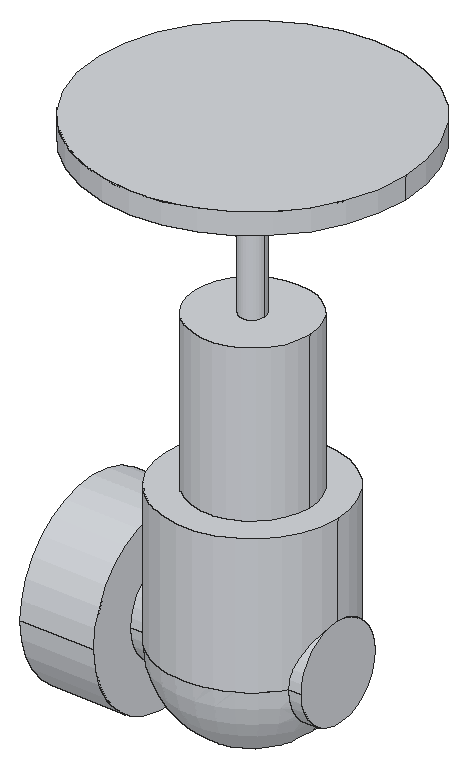
Revit family "Válvula de controle - 15-20 mm - Rosqueada - FxM", category Acessórios do tubo, Revit 2019
Family settings
  Cota do conector redondo = Usar raio
  Tipo de parte = Válvula - Quebra entre
  Com base no plano de trabalho = Não
  Sempre na vertical = Sim
  Corte com vazios quando carregada = Não
  Compartilhado = Não
Parameters (values of type "15 mm")
  Material da válvula = none
  Comprimento da válvula = 52 mm
  Altura da válvula = 76.5 mm
  Comprimento do símbolo = Comprimento da válvula / 2 * tan(30.00°)  # 15.011 mm
  Raio do tronco = Diâmetro do tronco / 2  # 1.96 mm
  Altura do tronco = Altura da chapeleta * 1.5  # 81.818 mm
  Diâmetro do tronco = Diâmetro do recobrimento / 7.5  # 3.92 mm
  Raio nominal = 7.5 mm
  Diâmetro nominal = Raio nominal * 2  # 15 mm
  Método de perda = Coeficiente K
  K Coefficient = 0.28
  Espessura da manopla = Altura da válvula / 22  # 3.477 mm
  Raio da manivela = Diâmetro da manivela / 2  # 25 mm
  Espessura da porca da manopla = Altura da válvula / 23  # 3.326 mm
  Raio da porca da manopla = Diâmetro da porca da manopla / 2  # 1.96 mm
  Diâmetro da porca da manopla = Diâmetro do tronco  # 3.92 mm
  Diâmetro da manivela = 50 mm
  Espessura da rosca = 12 mm
  Raio da rosca = Altura completa - Altura da válvula  # 14.9 mm
  Altura completa = 91.4 mm
  Espessura do recobrimento = Altura da válvula / 22  # 3.477 mm
  Raio do recobrimento = Diâmetro do recobrimento / 2  # 14.7 mm
  Diâmetro do recobrimento = Diâmetro do corpo * 1.05  # 29.4 mm
  Raio da chapeleta = Diâmetro da chapeleta / 2  # 9.333 mm
  Altura da chapeleta = 54.545 mm
  Diâmetro da chapeleta = 2 / 3 * Diâmetro do corpo  # 18.667 mm
  Raio do corpo = Diâmetro do corpo / 2  # 14 mm
  Altura do corpo = 37.4 mm
  Diâmetro do corpo = Comprimento da válvula - (2 * Espessura da rosca)  # 28 mm
Types (2, lengths in mm): name | Comprimento da válvula | Altura da válvula | Comprimento do símbolo | Raio do tronco | Diâmetro do tronco | Raio nominal | Diâmetro nominal | Espessura da manopla | Espessura da porca da manopla | Raio da porca da manopla | Diâmetro da porca da manopla | Espessura da rosca | Raio da rosca | Altura completa | Espessura do recobrimento | Raio do recobrimento | Diâmetro do recobrimento | Raio da chapeleta | Diâmetro da chapeleta | Raio do corpo | Altura do corpo | Diâmetro do corpo
  15 mm | 52 | 76.5 | 15.011 | 1.96 | 3.92 | 7.5 | 15 | 3.477 | 3.326 | 1.96 | 3.92 | 12 | 14.9 | 91.4 | 3.477 | 14.7 | 29.4 | 9.333 | 18.667 | 14 | 37.4 | 28
  20 mm | 57 | 78 | 16.454 | 2.17 | 4.34 | 10 | 20 | 3.545 | 3.391 | 2.17 | 4.34 | 13 | 18.5 | 96.5 | 3.545 | 16.275 | 32.55 | 10.333 | 20.667 | 15.5 | 42.5 | 31
Reference planes
  plane 1 "Centro (frente/trás)": y = 0
  plane 2: z = 0
  plane 3 "Centro (direita/esquerda)": x = 0
  plane 4: z = 76.5
  plane 5: x = 32
  plane 6: x = -20
  plane 7: x = -8
  plane 8 "rosca macho": x = 20
  plane 9: z = 7.5
  plane 10: z = -14
  plane 11: z = 76.5
  plane 12: z = 73.023
  plane 13: z = 47.761
  plane 14: z = 22.5
  plane 15: y = 15.011
  plane 16: y = -15.011
  plane 17 "Topo da rosca": z = 14.9
  plane 18 "Inferior da rosca": z = -14.9
  plane 19: x = 6
  plane 20: x = 0
Forms (mm)
  Extrusion 1, solid, material <- "Material da válvula", detail levels fine
    sketch origin (0, 0, 0) x (0, 1, 0) y (0, 0, 1)
      loop
        circle (0, 0) r 14.9
    from -20 to -8
  Revolve 2, solid, material <- "Material da válvula", detail levels fine
    sketch origin (0, 0, 0) x (1, 0, 0) y (0, 0, 1)
      loop
        line (6, 14) -> (6, -14)
        arc (6, -14) -> (20, 0) -> (6, 14) r 14
      axis (6, 14) -> (6, -14)
    angle from 0 to 360
  Extrusion 3, solid, material <- "Material da válvula", detail levels fine
    sketch origin (0, 0, 0) x (1, 0, 0) y (0, 1, 0)
      loop
        circle (6, 0) r 25
    from 73.023 to 76.5
  Extrusion 4, solid, material <- "Material da válvula", detail levels fine
    sketch origin (0, 0, 0) x (1, 0, 0) y (0, 1, 0)
      loop
        circle (6, 0) r 1.96
    from 47.761 to 73.023
  Extrusion 5, solid, material <- "Material da válvula", detail levels fine
    sketch origin (0, 0, 0) x (1, 0, 0) y (0, 1, 0)
      loop
        circle (6, 0) r 9.333
    from 22.5 to 47.761
  Extrusion 6, solid, material <- "Material da válvula", detail levels fine
    sketch origin (0, 0, 0) x (1, 0, 0) y (0, 1, 0)
      loop
        circle (6, 0) r 14
    from 0 to 22.5
  Extrusion 7, solid, material <- "Material da válvula", detail levels fine
    sketch origin (15, 0, 0) x (0, 1, 0) y (0, 0, 1)
      loop
        circle (0, 0) r 7.5
    from -23 to 5
Cuts and joins
  joined: Extrusion 1, Revolve 2, Extrusion 3, Extrusion 4, Extrusion 5, Extrusion 6, Extrusion 7
Lines and regions (mm)
  model lines, detail levels coarse+medium
    curve 1: line (-20, 14.9, 0) -> (20, -15.011, 0)
    curve 2: line (20, 15.011, 0) -> (-20, -14.9, 0)
    curve 3: line (-20, 14.9, 0) -> (-20, -14.9, 0)
    curve 4: line (20, 15.011, 0) -> (20, -15.011, 0)
Dimensions and locks
  "Altura da válvula": plane 4 to plane 2
  "Espessura da rosca": plane 7 to plane 6
  "Raio do corpo": plane 2 to plane 10
  "Espessura da manopla": plane 11 to plane 12
  "Comprimento do símbolo": plane 15 to plane 1 "Centro (frente/trás)"
  "Comprimento do símbolo": plane 1 "Centro (frente/trás)" to plane 16
  "Espessura da rosca": plane 5 to plane 8 "rosca macho"
  "Comprimento da válvula": plane 5 to plane 6
  "Altura do corpo": plane 14 to plane 18 "Inferior da rosca"
  "Raio nominal": plane 9 to plane 2
  "Altura completa": plane 11 to plane 18 "Inferior da rosca"
  equal spacing: plane 17 "Topo da rosca", plane 2, plane 18 "Inferior da rosca"
  "Raio da rosca": plane 17 "Topo da rosca" to plane 2
  equal spacing: plane 12, plane 13, plane 14
  equal spacing: plane 5, plane 19, plane 6
  equal spacing: plane 8 "rosca macho", plane 20, plane 6
  "Raio da rosca": radius of Extrusion 1 sketch curve
  "Raio do corpo": radius of Revolve 2 sketch curve
  "Raio da manivela": radius of Extrusion 3 sketch curve
  "Raio do tronco": radius of Extrusion 4 sketch curve
  "Raio da chapeleta": radius of Extrusion 5 sketch curve
  "Raio do corpo": radius of Extrusion 6 sketch curve
  "Raio nominal": radius of Extrusion 7 sketch curve
  aligned and locked: plane 2 to Extrusion 1 sketch curve
  aligned and locked: plane 1 "Centro (frente/trás)" to Extrusion 1 sketch curve
  aligned and locked: plane 1 "Centro (frente/trás)" to Extrusion 3 sketch curve
  aligned and locked: plane 11 to Extrusion 3
  aligned and locked: Extrusion 3 to plane 12
  aligned and locked: plane 1 "Centro (frente/trás)" to Extrusion 4 sketch curve
  aligned and locked: plane 12 to Extrusion 4
  aligned and locked: Extrusion 4 to plane 13
  aligned and locked: plane 1 "Centro (frente/trás)" to Extrusion 5 sketch curve
  aligned and locked: plane 13 to Extrusion 5
  aligned and locked: plane 14 to Extrusion 5
  aligned and locked: plane 1 "Centro (frente/trás)" to Extrusion 6 sketch curve
  aligned and locked: plane 4 to plane 11
  aligned and locked: cut or joined group of Extrusion 1, Revolve 2, Extrusion 3, Extrusion 4, Extrusion 5, Extrusion 6, Extrusion 7 to plane 14
  aligned and locked: cut or joined group of Extrusion 1, Revolve 2, Extrusion 3, Extrusion 4, Extrusion 5, Extrusion 6, Extrusion 7 to plane 6
  aligned and locked: plane 7 to cut or joined group of Extrusion 1, Revolve 2, Extrusion 3, Extrusion 4, Extrusion 5, Extrusion 6, Extrusion 7
  aligned and locked: plane 2 to Revolve 2 sketch curve
  aligned and locked: cut or joined group of Extrusion 1, Revolve 2, Extrusion 3, Extrusion 4, Extrusion 5, Extrusion 6, Extrusion 7 to plane 2
  aligned and locked: curve 4 to plane 8 "rosca macho"
  aligned and locked: plane 16 to curve 4
  aligned and locked: plane 15 to curve 4
  aligned and locked: curve 3 to plane 6
  aligned and locked: curve 2 to cut or joined group of Extrusion 1, Revolve 2, Extrusion 3, Extrusion 4, Extrusion 5, Extrusion 6, Extrusion 7
  aligned and locked: Extrusion 7 to plane 7
  aligned and locked: plane 8 "rosca macho" to Extrusion 7
  aligned and locked: plane 20 to plane 3 "Centro (direita/esquerda)"
  aligned and locked: plane 19 to Revolve 2 sketch curve
  aligned and locked: plane 19 to Extrusion 6 sketch curve
  aligned and locked: plane 19 to Extrusion 5 sketch curve
  aligned and locked: plane 19 to Extrusion 4 sketch curve
  aligned and locked: plane 19 to Extrusion 3 sketch curve
Automatic sketch dimensions
  plane 16 to curve 2 = 0.111 mm
  curve 3 to plane 15 = 0.111 mm
  plane 18 "Inferior da rosca" to Revolve 2 sketch curve = 31.719 mm
  Revolve 2 sketch curve to Revolve 2 sketch curve = 60 mm
  Extrusion 7 sketch curve to level = 0 mm
  Extrusion 7 sketch curve to plane 1 "Centro (frente/trás)" = 0 mm
  plane 19 to Revolve 2 sketch curve = 0 mm
Connectors
  piping at (-20, 0, 0), diameter 15, driven by "Raio nominal"
    settings: on cut or joined group of Extrusion 1, Revolve 2, Extrusion 3, Extrusion 4, Extrusion 5, Extrusion 6, Extrusion 7, index 1, connector inside diameter 15 mm, connector length 0 mm, flow factor 0, pipe flow 0.0 L/s, pressure drop 0.0 Pa, fitting loss kfactor 0, connector angle 0.00°, fixture units 0, engagement length 0 mm, angle of deflection 0.00°, flow configuration 0, flow direction 0, fitting loss method 0, system type 29, joint type 0, gender type 0, connector reference index 3, connector utility 0, adjustable connector no, is connector primary yes, connector description ""
  piping at (20, 0, 0), diameter 15, driven by "Raio nominal"
    settings: index 3, connector inside diameter 15 mm, connector length 0 mm, flow factor 0, pipe flow 0.0 L/s, pressure drop 0.0 Pa, fitting loss kfactor 0, connector angle 0.00°, fixture units 0, engagement length 0 mm, angle of deflection 0.00°, flow configuration 0, flow direction 0, fitting loss method 0, system type 29, joint type 0, gender type 0, connector reference index 1, connector utility 0, adjustable connector no, is connector primary no, connector description ""
